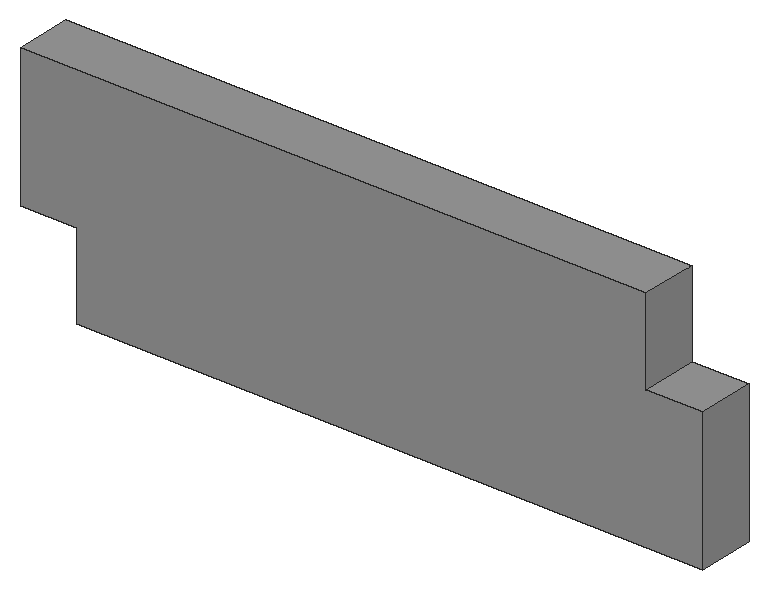
Revit family "1. Sálvora_PNormale_FRA", category Modelos genéricos, Revit 2017
Family settings
  Anfitrión = Muro
  Puede alojar armadura = No
  Cota de conector redondo = Diámetro de uso
  Tipo de pieza = Normal
  Siempre vertical = Sí
  Corte con vacíos al cargar = No
  Compartido = No
  Punto de cálculo de habitación = No
Parameters (values of type "Stonepanel® SKY Sálvora")
  Uniclass 2015 = "Pr_25_71_14_56 Natural stone panels"
  Uniclass 2 = "Pr_25_71_14_56 Natural stone panels"
  Omniclass = "23-15 15 15 11"
  NBS Reference = "45-25-45/380 Natural stone panels"
  Advantages de Stonepanel = "Efficacité:  L’installation des panneaux est simple et facile. Elle n’implique pas l’utilisation de machines spécifiques. La pose est dix fois plus rapide que la pose traditionnelle (20 m2 en moyenne par jour). La longévité de ce produit naturel est supérieure aux autres types de revêtement. Les déchets et les pertes dues aux coupes sont amplement diminués durant le chantier.\r\nSécurité: Le système de fixation breveté et homologué, en acier inoxydable, permet l’installation à plus de 2 mètres de hauteur (Avis Technique, CSTB). La base en ciment, homogène et rugueuse, garantit l’adhésion et permet d’être coupée sans décollement des pierres.\r\nQualité: Le contrôle de la production est effectué de façon continue par le département Innovation de CUPAGROUP. Chaque pierre naturelle est sélectionnée avec une attention particulière par les experts de CUPA STONE. Angles courts, longs, massifs, doubles, pour les fenêtres ou les dessus de mur… De nombreuses pièces spéciales sont proposées en option pour s’adapter parfaitement aux différentes configurations de chantier.\r\nEsthétisme: Le parement en forme de « S » rend les joints invisibles et assure un aspect homogène à la surface installée. Notre gamme de parements en pierre naturelle permet de choisir parmi un large choix de finitions et de coloris. Chaque pierre est unique, ainsi chaque panneau révèle l’élégance et la noblesse de la pierre naturelle."
  Utilisations indiquées = "Revêtements de murs intérieurs ou extérieurs, pour des ouvrages de 12 m de haut au plus.\r\nEn murs intérieurs, les supports admis sont les suivants (ils doivent avoir une épaisseur de 6 cm minimum) :\r\n- les murs en béton,\r\n- les panneaux préfabriqués en béton,\r\n- les enduits à base de ciment sur murs en béton et, murs et parois\r\nen maçonnerie.\r\nEn murs extérieurs, les supports admis sont ceux définis dans le NF DTU 52.2 P1-1-2 (P 61-204-1-1-2) « Cahier des clauses Techniques pour les murs extérieurs »."
  URL = "http://www.cupastone.fr/produit/stonepanel-orient/"
  Résistance au feu = "STONEPANEL ne sont pas de nature à affecter la tenue au feu des ouvrages."
  Durabilité = "La durabilité de l’ouvrage peut être appréciée comme équivalente à celle d’un carrelage collé en façade."
  Type de livraison = "Les panneaux sont emballés en plastique, en paires."
  Résistance = "Résistance élevée"
  Poids = "9,5 kg"
  Oxydation = "Non oxidé"
  Autres données intéressants = "STONEPANEL  est utilisé pour la réalisation de revêtements de murs intérieurs ou extérieurs, pour des ouvrages de 12 m de haut au plus."
  Modelo = "Stonepanel® SKY Sálvora"
  Matérial = "Ardoise marron rougeâtre dont les nuances varient du clair au plus foncé pour doter les intérieurs contemporains d’une ambiance originale."
  Nettoyage = "En général, les panneaux ne nécessitent pas d'entretien et sont autonettoyants, mais la suppression de certains types de marques peuvent nécessiter un traitement spécialisé.\r\nPour les salissures anormales, la surface peut être nettoyée à l'aide d'un mélange eau / détergent chaud, appliqué avec un tampon de nettoyage approprié ou une éponge."
  Long = 600 mm
  Imagen de tipo = <Ninguno>
  Format = "600 x 200"
  Form = "Forme de « S »"
  Fabricante = "Cupastone"
  Tests effectués par Avis Technique = "Résistance mécanique de l'ancrage\r\nRésistance mécanique de l'attache de sécurité\r\nEssais de durabilité après action de l'eau\r\nEssais de durabilité après action du gel\r\nEssai sismique\r\nEssai vers le feu\r\nRésistance mécanique de l'attache de sécurité\r\nEssais de durabilité après action de l'eau\r\nEssais de durabilité après action du gel\r\nEssai sismique"
  Décalage de hauteur = 0 mm
  Descripción = "Système de panneaux de pierre naturelle prémontés et assemblés\r\nsur une base en ciment renforcée, sur la face arrière, par une armature en fibre de verre. \r\nSon système de fixation unique évite tout risque de décollement. Est un ancrage spécifique pour les installations\r\nà plus de 2 mètres de hauteur."
  Densité apparente = "86,5 kg/m2"
  Couleur secondaire = "Gris rougeâtre"
  Couleur principale = "Marron"
  Certificats = "Avis Technique - France - En cours"
  Apparence = "Rustique"
  Largeur = 50 mm
  Haut = 200 mm
  Finiton = "Naturelle"
  Absorption = "Basse absorption"
  Système d'ancrage = "Bande perforée en acier inoxydable:\r\n- Nature de l’acier : AISI 316 (1.4401) ou AISI 304 (1.4301)\r\n- Epaisseur minimale (mm) : 0,7\r\n- Largeur (mm) : 12 à 15\r\n- Diamètre du trou (mm) : 6 ± 1\r\n\r\nChevilles:\r\nLe choix des chevilles de fixation doit être déterminé compte tenu de l’action en dépression du vent (murs extérieurs) et de la résistance des chevilles dans le support considéré en fonction de de la nature du support. Un exemple de cheville à utiliser est TAPCO TC 6/30 x 60.\r\nLa charge admissible des chevilles est égale à 1/K fois la résistance caractéristique indiquée dans l’Agrément Technique Européen de la cheville ou :\r\n   K = 1,75 par comparaison au vent normal\r\n   K = 3 par comparaison au vent extrême\r\nLes chevilles doivent être adaptées à la nature du support porteur."
  Détails de construction = "Détails de:\r\n- Mise en oeuvre avec un profilé en métal\r\n- Mise en oeuvre de Stonepanel\r\n- Mise en oeuvre de Stonepanel en murs intérieurs\r\n- Mise en oeuvre de l'élément de sécurité\r\n- Angles rentrants\r\n- Angles sortants avec continuité de Stonepanel - éléments d'angles\r\n- Angles sortants avec continuité de Stonepanel - angles préformés\r\n- Angles sortants avec continuité de Stonepanel - sciage d'un panneau\r\n- Angles sortants sans continuité de Stonepanel - cas d'un pignon isolé\r\n- Arêtes supérieures\r\n- Dessus d'acrotère\r\n- Encadrement de baie"
Reference planes
  plane 1 "Muro": y = 0
  plane 2 "Centro (Izquierda/Derecha)": x = 125
  plane 3 "Posterior": y = 75
Forms (mm)
  Extrusion 1, solid, material "Stonepanel® SKY Orient"
    sketch origin (0, 160, 1120) x (1, 0, 0) y (0, 0, 1)
      loop
        line (125, -1120) -> (125, -996) -> (75, -996) -> (75, -920) -> (-475, -920) -> (-475, -1044) -> (-425, -1044) -> (-425, -1120) -> (125, -1120)
    from 35 to 85
Text (mm)
  text "Cara de colocación" at (-1848.837, 1116.779, 0), in view "Nivel de referencia"
  text "Cara de colocación" at (0, 1409.804, 2854.306), in view "Izquierda"
  text "Cara de colocación" at (0, 499.811, 2980.732), in view "Derecha"
Dimensions and locks
  locked: plane 3 "Posterior" to host wall
  locked: Extrusion 1 to plane 3 "Posterior" at 0
  "Largeur": Extrusion 1 to Extrusion 1
  "Long": Extrusion 1 to Extrusion 1
  locked: Extrusion 1 to Extrusion 1 at 76  (x2)
  "Décalage de hauteur": level to Extrusion 1
  locked: Extrusion 1 to Extrusion 1 at 50  (x2)
  "Haut": Extrusion 1 to Extrusion 1
  aligned and locked: plane 1 "Muro" to host wall
Automatic sketch dimensions
  level to Extrusion 1 sketch curve = 0 mm
  Extrusion 1 sketch curve to plane 2 "Centro (Izquierda/Derecha)" = 0 mm
  Extrusion 1 sketch curve to plane 2 "Centro (Izquierda/Derecha)" = 50 mm
  Extrusion 1 sketch curve to Extrusion 1 sketch curve = 500 mm
  Extrusion 1 sketch curve to Extrusion 1 sketch curve = 50 mm
  level to Extrusion 1 sketch curve = 124 mm
  level to Extrusion 1 sketch curve = 76 mm
  Extrusion 1 sketch curve to Extrusion 1 sketch curve = 76 mm
